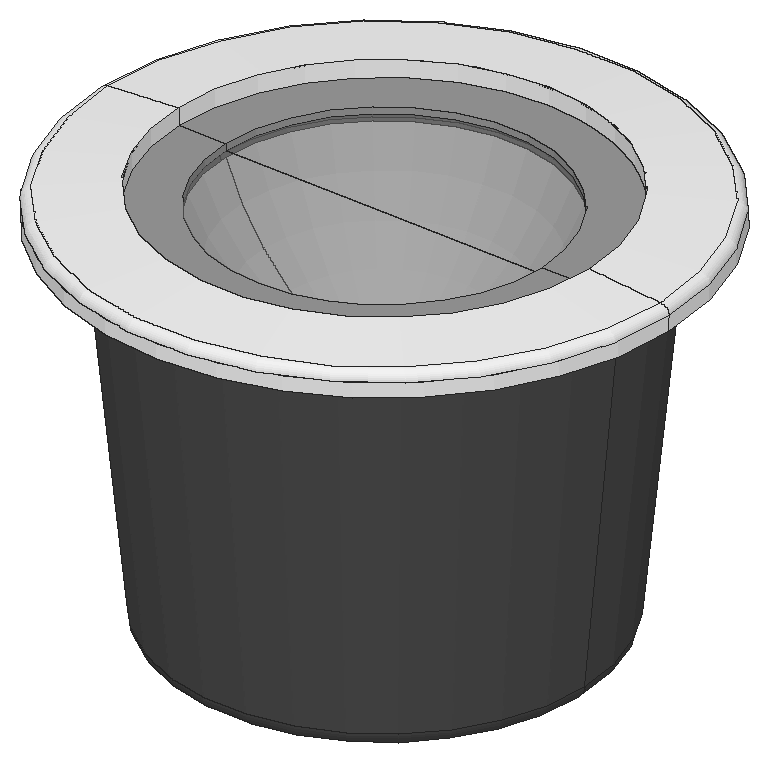
Revit family "3097100 Lighting Fixture_Sylvania_Insaver LED 75 - Round - White Bezel_Ceiling Recessed", category Lighting Fixtures, host Face, Revit 2017
Family settings
  Host = Face
  Round Connector Dimension = Use Diameter
  Part Type = Normal
  OmniClass Number = 23.80.70.11.17
  OmniClass Title = Specialized Lighting by Location or Use
  Cut with Voids When Loaded = No
  Light Source = Yes
  Shared = No
  Room Calculation Point = No
Parameters (values of type "Insaver 75 LED RS NW DB WH")
  Weight = 0.4 kg  # constant formula
  Wattage = 18.6364 W
  built-in parameter 1150110 = 1 (stored number, unit not read)
  Voltage Comments = "UNV (Universal Voltage; 230/240 Volt)"  # constant formula
  Voltage = 230 V  # constant formula
  URL = "http://www.sylvania-lighting.com"
  Transformator Marerial = Metallic Paint_Sylvania_Insaver LED 75_Black_RAL 9005
  built-in parameter 1114217 = 1 (stored number, unit not read)
  Tilt Angle = -90°
  built-in parameter 1150109 = 1 (stored number, unit not read)
  built-in parameter 1150134 = 12
  T Class Min = -1 °C
  T Class Max = -1 °C
  built-in parameter 1150113 = 1 (stored number, unit not read)
  Radius = 45.0 mm  # constant formula
  Product Page URL = "http://www.sylvania-lighting.com/product/en-int/products/3097100"
  Product Family = "Insaver LED 75 - Round - White Bezel"  # constant formula
  Photometry Comments = ""
  Photometric Web File = "3097101_Insaver75LEDRSNWDBWH-185541.ies"
  Life = "50 000 h"  # constant formula
  IP Rating = "IP65"  # constant formula
  Emit from Circle Diameter = Diameter - 40.0 mm  # 50.0 mm
  Electrical Protection = "Class II"  # constant formula
  Drive Current = "350 mA"  # constant formula
  Diameter = Radius * 2  # 90.0 mm
  Cutout Diameter = 75.0 mm  # constant formula
  CRI ( Ra ) = 85  # constant formula
  Beam Angle = 55°  # constant formula
  Accesory Material = Metallic Paint_Sylvania_Insaver LED 75_White_RAL 9016
  Height = 65.0 mm  # constant formula
  built-in parameter 1114216 [instance] = 1 (stored number, unit not read)
  Model = "Insaver 75 LED RS NW DB WH"
  Manufacturer = "Feilo Sylvania"
  built-in parameter 1150105 = 1034.6 (stored number, unit not read)
  Lumens = 820 lm
  built-in parameter 1150115 = 1 (stored number, unit not read)
  built-in parameter 1150137 = (empty or 0)
  built-in parameter 1150139 = (empty or 0)
  built-in parameter 1150112 = 1 (stored number, unit not read)
  built-in parameter 1150114 = 1 (stored number, unit not read)
  Lamp Comments = "Integrated LED"  # constant formula
  Lamp = "16W High Brightnes LED array"
  built-in parameter 1150132 = 2
  built-in parameter 1150102 = (empty or 0)
  built-in parameter 1150107 = 4000 (stored number, unit not read)
  built-in parameter 1150138 = (empty or 0)
  built-in parameter 1150106 = 10.346 (stored number, unit not read)
  Reflector Material = Aluminium_Sylvania_Insaver LED 75_Silver
  Emit Shape Visible in Rendering = no
  built-in parameter 1150104 = 4.0877 (stored number, unit not read)
  Dimming Lamp Color Temperature Shift = <None>
  Description = "Innovative square or round design using array chip technology High colour\r\nrendering index CRI Thermal management ensures service life up to 50.000\r\nhrs Low power consumption - 16W"  # constant formula
  Default Elevation = 0.0 mm
  Color Filter = 16777215
  Catalog Number = "3097101 Insaver 75 LED RS NW DB WH"
  built-in parameter 1140040 [instance] = (empty or 0)
  built-in parameter 1114218 = 1 (stored number, unit not read)
  built-in parameter 1150133 = 10 (stored number, unit not read)
  Assembly Code = "D5020200"
  Apparent Load Comments = ""
  Apparent Load = 16 VA
Types (2, lengths in mm): name | Wattage | built-in parameter 1150134 | Photometric Web File | Model | built-in parameter 1150105 | Lumens | built-in parameter 1150107 | built-in parameter 1150106 | Catalog Number
  Insaver 75 LED RS WW DB WH | 20.1818 W | (empty or 0) | "3097100_Insaver75LEDRSWWDBWH-185530.ies" | "Insaver 75 LED RS WW DB WH" | 70.665 (stored number, unit not read) | 888 lm | 3000 (stored number, unit not read) | 0.70665 (stored number, unit not read) | "3097100 Insaver 75 LED RS WW DB WH"
  Insaver 75 LED RS NW DB WH | 18.6364 W | 12 | "3097101_Insaver75LEDRSNWDBWH-185541.ies" | "Insaver 75 LED RS NW DB WH" | 1034.6 (stored number, unit not read) | 820 lm | 4000 (stored number, unit not read) | 10.346 (stored number, unit not read) | "3097101 Insaver 75 LED RS NW DB WH"
Reference planes
  plane 1 "Center (Front/Back)": y = 0
  plane 2: z = 0
  plane 3 "Center (Left/Right)": x = 0
  plane 4: z = 0
  plane 5 "Fixture Bottom": z = 4.5
  plane 6 "Fixture Top": z = -65
  plane 7: z = 2
Forms (mm)
  Extrusion 1, void
    sketch origin (0, 0, 59) x (-1, 0, 0) y (0, -1, 0)
      loop
        circle (0, 0) r 37.5
    from -309 to 86
  Revolve 2, solid, material "Metallic Paint_Sylvania_Insaver LED 75_Black_RAL 9005" <- "Transformator Marerial", detail levels fine
    sketch origin (0, 0, 0) x (1, 0, 0) y (0, 0, 1)
      loop
        arc (26.104, 0) -> (19.919, -11.419) -> (10.298, -20.14) r 38.6
        line (10.298, -20.14) -> (0, -20.14) -> (0, -65)
        arc (0, -65) -> (15.667, -62.963) -> (30.31, -57.032) r 62
        arc (30.31, -57.032) -> (31.261, -56.188) -> (31.777, -55.026) r 3
        arc (31.777, -55.026) -> (35.691, -29.638) -> (37, -3.983) r 252
        line (37, -3.983) -> (37, 0) -> (26.104, 0)
      axis (0, -65) -> (0, 0)
    angle from 0 to 360
  Revolve 3, solid, material "Metallic Paint_Sylvania_Insaver LED 75_White_RAL 9016" <- "Accesory Material", detail levels fine
    sketch origin (0, 0, 27.453) x (1, 0, 0) y (0, 0, 1)
      loop
        line (45, -27.453) -> (45, -25.318)
        arc (45, -25.318) -> (44.613, -24.317) -> (43.654, -23.837) r 1.488
        line (43.654, -23.837) -> (32.5, -22.953) -> (32.5, -27.453) -> (45, -27.453)
      axis (0, -27.453) -> (0, -22.953)
    angle from 0 to 360
  Revolve 4, solid, material "Aluminium_Sylvania_Insaver LED 75_Silver" <- "Reflector Material", detail levels fine
    sketch origin (0, 0, 42.453) x (1, 0, 0) y (0, 0, 1)
      loop
        line (32.5, -42.453) -> (32.5, -40.453) -> (25, -40.453) -> (25, -41.453) -> (0, -41.453) -> (0, -42.453) -> (25.043, -42.453)
        arc (25.043, -42.453) -> (19.112, -53.273) -> (10, -61.593) r 37.622
        line (10, -61.593) -> (0, -61.593) -> (0, -62.593) -> (10.298, -62.593)
        arc (10.298, -62.593) -> (19.918, -53.871) -> (26.104, -42.453) r 38.624
        line (26.104, -42.453) -> (32.5, -42.453)
      axis (0, -62.593) -> (0, -40.453)
    angle from 0 to 360
  Revolve 5, solid, material "Metallic Paint_Sylvania_Insaver LED 75_White_RAL 9016" <- "Accesory Material", detail levels coarse+medium
    sketch origin (0, 0, 60) x (1, 0, 0) y (0, 0, 1)
      loop
        line (0, -55.5) -> (0, -125)
        arc (0, -125) -> (15.667, -122.963) -> (30.31, -117.032) r 62
        arc (30.31, -117.032) -> (31.261, -116.188) -> (31.777, -115.026) r 3
        arc (31.777, -115.026) -> (35.691, -89.638) -> (37, -63.983) r 252
        line (37, -63.983) -> (37, -60) -> (45, -60) -> (45, -55.5) -> (0, -55.5)
      axis (0, -125) -> (0, -55.5)
    angle from 0 to 360
Dimensions and locks
  "Height": host face to plane 6 "Fixture Top"
  "Radius": Revolve 3 sketch curve to imposter light
  locked: plane 5 "Fixture Bottom" to level at 4.5
  locked: plane 5 "Fixture Bottom" to plane 7 at 2.5
  locked: Revolve 3 sketch curve to Revolve 3 sketch curve at 12.5
  locked: Revolve 4 sketch curve to host face at 1
  "Radius": Revolve 5 sketch curve to Revolve 5 sketch curve
  locked: Revolve 5 sketch curve to Revolve 5 sketch curve at 37
  locked: Revolve 2 sketch curve to Revolve 2 sketch curve at 37
  "Cutout Diameter": diameter of Extrusion 1 sketch curve
  aligned and locked: plane 2 to host face
  aligned and locked: level to host face
  aligned and locked: plane 1 "Center (Front/Back)" to imposter light
  aligned and locked: level to Revolve 3 sketch curve
  aligned and locked: imposter light to Revolve 3 sketch curve
  aligned and locked: Revolve 2 sketch curve to level
  aligned and locked: level to Revolve 4 sketch curve  (x2)
  aligned and locked: plane 7 to Revolve 4 sketch curve
  aligned and locked: plane 6 "Fixture Top" to Revolve 5 sketch curve
  aligned and locked: plane 5 "Fixture Bottom" to Revolve 5 sketch curve
  aligned and locked: Revolve 5 sketch curve to Revolve 5 sketch curve
  aligned and locked: plane 6 "Fixture Top" to Revolve 2 sketch curve
  aligned and locked: plane 5 "Fixture Bottom" to imposter light
Automatic sketch dimensions
  host sketch curve to host sketch curve = 1305.563 mm
  host sketch curve to host sketch curve = 1283.632 mm
  Revolve 4 sketch curve to Revolve 4 sketch curve = 0.0 mm  (x2)
  Revolve 4 sketch curve to plane 3 "Center (Left/Right)" = 0.0 mm  (x3)
  Revolve 4 sketch curve to level = 20.14 mm
  Revolve 4 sketch curve to Revolve 4 sketch curve = 10.0 mm
  Revolve 4 sketch curve to Revolve 4 sketch curve = 0.298 mm
  plane 3 "Center (Left/Right)" to Revolve 4 sketch curve = 25.0 mm
  Revolve 4 sketch curve to Revolve 4 sketch curve = 0.043 mm
  Revolve 4 sketch curve to Revolve 4 sketch curve = 1.06 mm
  Revolve 4 sketch curve to Revolve 4 sketch curve = 6.396 mm
  plane 5 "Fixture Bottom" to Revolve 4 sketch curve = 7.927 mm
  Revolve 4 sketch curve to plane 6 "Fixture Top" = 195.546 mm
  Revolve 4 sketch curve to Revolve 4 sketch curve = 337.219 mm
  Revolve 2 sketch curve to plane 3 "Center (Left/Right)" = 0.0 mm  (x2)
  Revolve 2 sketch curve to level = 20.14 mm
  plane 3 "Center (Left/Right)" to Revolve 2 sketch curve = 10.298 mm
  Revolve 2 sketch curve to Revolve 2 sketch curve = 10.896 mm
  plane 5 "Fixture Bottom" to Revolve 2 sketch curve = 7.911 mm
  Revolve 2 sketch curve to plane 6 "Fixture Top" = 237.999 mm
  Revolve 2 sketch curve to Revolve 2 sketch curve = 294.19 mm
  Revolve 2 sketch curve to level = 3.983 mm
  Revolve 2 sketch curve to plane 3 "Center (Left/Right)" = 0.096 mm
  plane 6 "Fixture Top" to Revolve 2 sketch curve = 10.582 mm
  plane 3 "Center (Left/Right)" to Revolve 2 sketch curve = 28.839 mm
  Revolve 2 sketch curve to Revolve 2 sketch curve = 1.471 mm
  Revolve 2 sketch curve to Revolve 2 sketch curve = 0.0 mm  (x2)
  plane 1 "Center (Front/Back)" to Extrusion 1 sketch curve = 0.0 mm
  Extrusion 1 sketch curve to plane 3 "Center (Left/Right)" = 0.0 mm
  Revolve 3 sketch curve to plane 3 "Center (Left/Right)" = 0.0 mm
  plane 7 to Revolve 3 sketch curve = 0.135 mm
  Revolve 3 sketch curve to Revolve 3 sketch curve = 1.488 mm
  Revolve 3 sketch curve to plane 5 "Fixture Bottom" = 0.884 mm
  Revolve 3 sketch curve to plane 6 "Fixture Top" = 210.546 mm
  plane 5 "Fixture Bottom" to Revolve 3 sketch curve = 329.554 mm
  Revolve 5 sketch curve to plane 3 "Center (Left/Right)" = 0.0 mm
  Revolve 5 sketch curve to level = 0.0 mm
  Revolve 5 sketch curve to plane 3 "Center (Left/Right)" = 0.096 mm
  Revolve 5 sketch curve to level = 3.983 mm
  Revolve 5 sketch curve to Revolve 5 sketch curve = 214.904 mm
  plane 6 "Fixture Top" to Revolve 5 sketch curve = 10.582 mm
  plane 3 "Center (Left/Right)" to Revolve 5 sketch curve = 28.839 mm
  Revolve 5 sketch curve to level = 3.0 mm
  Revolve 5 sketch curve to Revolve 5 sketch curve = 0.0 mm
  Revolve 5 sketch curve to plane 6 "Fixture Top" = 177.999 mm
  Revolve 5 sketch curve to Revolve 5 sketch curve = 362.101 mm
Connectors
  electrical at (0, 0, -65), driven by "Voltage", driven by "Apparent Load"
    settings: index 1, voltage 230 V, apparent load 0 VA, apparent load phase1 16 VA, apparent load phase2 0 VA, apparent load phase3 0 VA, power factor 1, load classification "Lighting", number of poles 1, system type 31, power factor state 1, is connector primary yes, connector utility no, sub classification motor no, connector description ""
